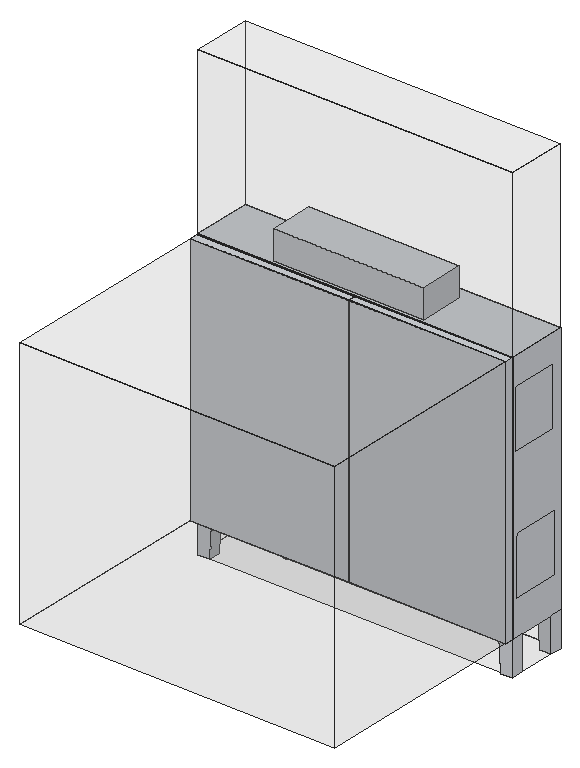
Revit family "AHU 3 _6", category Mechanické zařízení, Revit 2018
Family settings
  Kóta kulaté spojky = Použít průměr
  Typ dílu = Normální
  Číslo OmniClass = 23.75.00.00
  Nadpis OmniClass = Climate Control (HVAC)
  Založené na pracovní rovině = Ne
  Vždy vertikální = Ano
  Ořezat dutým tvarem při načtení = Ne
  Sdílené = Ne
  Bod výpočtu místnosti = Ne
Parameters (values of type "DUPLEXVENT Flexi (3G) DV650 (RD5)")
  Width [instance] = 0.298 mm
  Weight [instance] = 115.00 kg
  URL = ""
  Type [instance] = "DUPLEXVENT Flexi (3G) DV650 (RD5)"
  Total_SFP [instance] = 0
  Supply_outlet_hum [instance] = 27.8
  Supply_inlet_hum [instance] = 90
  Supply_ext_pressure [instance] = 100.0 Pa
  Supply_SFP [instance] = 0
  Source_adu_file [instance] = "C:\\\\Users\\\\dgavril\\\\OneDrive - Airflow Developments Ltd\\\\Desktop\\\\adu durley chine V4.adu"
  Recuperation_type [instance] = "Plate heat recovery exchanger"
  Recuperation_efficiency_EN308 [instance] = 75.8
  Project_name [instance] = "Durley Chine Passivhaus"
  Project_date [instance] = "13-08-2021"
  Power_supply_fusing [instance] = "0"
  Power_supply_cable [instance] = "0"
  Position [instance] = "AHU 3 "
  Phases_count [instance] = 1
  Panel_thickness [instance] = 0.06 mm
  Outer_surface [instance] = "RAL 9002"
  Length [instance] = 1.37 mm
  Insulation_type [instance] = "PUR"
  Insulation_thickness [instance] = 0.05 mm
  Installation_environment [instance] = ""
  Input_power_max [instance] = 340 W
  Inner_surface [instance] = "Pozink"
  I2 [instance] = I1  # 0.0 L/s
  Height [instance] = 1.1 mm
  Exhaust_outlet_hum [instance] = 97.1
  Exhaust_inlet_hum [instance] = 40
  Exhaust_ext_pressure [instance] = 100.0 Pa
  Exhaust_SFP [instance] = 0
  E1 [instance] = E2 - M1  # 0.0 L/s
  E2 [instance] = 0.0 L/s
  I1 [instance] = 0.0 L/s
  Description = ""
  M1 [instance] = 0.0 L/s
  Device_dutypoint_version [instance] = "2"
  Device_design_version [instance] = "10"
  Device_adu_id [instance] = "6"
  Current_max [instance] = 2.8 A
  Casing_mat [instance] = "painted zinc layer"
  Cable type [instance] = "CYKY 5Jx2,5"
Reference planes
  plane 1 "Střed (vpředu/vzadu)": y = 0
  plane 2 "ref": z = 0
  plane 3 "Střed (vlevo/vpravo)": x = 0
Forms (mm)
  Sweep 1, solid
    path origin (0, 0, 0) x (0, 0, 1) y (1, 0, 0)
      loop
        line (0, 0) -> (1100, 0)
    profile origin (0, 0, 0) x (1, 0, 0) y (0, 1, 0)
      loop
        line (0, 0) -> (1370, 0) -> (1370, 260) -> (0, 260) -> (0, 0)
  Sweep 2, solid
    path origin (0, 0, 0) x (0, 0, 1) y (1, 0, 0)
      loop
        line (0, 0) -> (1100, 0)
    profile origin (0, 0, 0) x (1, 0, 0) y (0, 1, 0)
      loop
        line (0, 0) -> (0, -38) -> (1370, -38) -> (1370, 0) -> (0, 0)
  Sweep 3, solid
    path origin (1, 125, 277) x (0, 1, 0) y (-1, 0, 0)
      loop
        line (0, 0) -> (0, 1)
    profile origin (1, 125, 277) x (0, -1, 0) y (0, 0, 1)
      loop
        line (-100, -125) -> (100, -125) -> (100, 125) -> (-100, 125) -> (-100, -125)
  Sweep 4, solid
    path origin (1369, 115, 853) x (1, 0, 0) y (0, 1, 0)
      loop
        line (0, 0) -> (1, 0)
    profile origin (1369, 115, 853) x (0, 1, 0) y (0, 0, 1)
      loop
        line (-100, 125) -> (-100, -125) -> (100, -125) -> (100, 125) -> (-100, 125)
  Sweep 5, solid
    path origin (1369, 125, 277) x (1, 0, 0) y (0, 1, 0)
      loop
        line (0, 0) -> (1, 0)
    profile origin (1369, 125, 277) x (0, 1, 0) y (0, 0, 1)
      loop
        line (-100, 125) -> (-100, -125) -> (100, -125) -> (100, 125) -> (-100, 125)
  Sweep 6, solid
    path origin (1, 115, 853) x (0, 1, 0) y (-1, 0, 0)
      loop
        line (0, 0) -> (0, 1)
    profile origin (1, 115, 853) x (0, -1, 0) y (0, 0, 1)
      loop
        line (-100, -125) -> (100, -125) -> (100, 125) -> (-100, 125) -> (-100, -125)
  Sweep 7, solid
    path origin (380, 15, 0) x (0, -1, 0) y (0, 0, 1)
      loop
        line (0, 0) -> (0, -30)
    profile origin (380, 15, 0) x (-1, 0, 0) y (0, -1, 0)
      loop
        circle (0, 0) r 16
  Sweep 8, solid, material "Servisní prostor"
    path origin (0, 0, 0) x (0, 0, 1) y (1, 0, 0)
      loop
        line (0, 0) -> (1100, 0)
    profile origin (0, 0, 0) x (1, 0, 0) y (0, 1, 0)
      loop
        line (0, -968) -> (1370, -968) -> (1370, -38) -> (0, -38) -> (0, -968)
  Sweep 9, solid, material "Servisní prostor"
    path origin (0, 0, 1100) x (0, 0, 1) y (1, 0, 0)
      loop
        line (0, 0) -> (720, 0)
    profile origin (0, 0, 1100) x (1, 0, 0) y (0, 1, 0)
      loop
        line (0, 0) -> (1370, 0) -> (1370, 260) -> (0, 260) -> (0, 0)
  Sweep 10, solid, material "Servisní prostor"
    path origin (0, 0, -150) x (0, 0, 1) y (1, 0, 0)
      loop
        line (0, 0) -> (150, 0)
    profile origin (0, 0, -150) x (1, 0, 0) y (0, 1, 0)
      loop
        line (0, 260) -> (0, 0) -> (1370, 0) -> (1370, 260) -> (0, 260)
  Sweep 11, solid
    path origin (0, 0, 0) x (0, 0, 1) y (1, 0, 0)
      loop
        line (0, 0) -> (1100, 0)
    profile origin (0, 0, 0) x (1, 0, 0) y (0, 1, 0)
      loop
        line (0, -38) -> (685, -38) -> (685, -5) -> (0, -5) -> (0, -38)
  Sweep 12, solid
    path origin (0, 0, 0) x (0, 0, 1) y (1, 0, 0)
      loop
        line (0, 0) -> (1100, 0)
    profile origin (0, 0, 0) x (1, 0, 0) y (0, 1, 0)
      loop
        line (685, -38) -> (1370, -38) -> (1370, -5) -> (685, -5) -> (685, -38)
  Sweep 13, solid
    path origin (25, 50, 0) x (1, 0, 0) y (0, 1, 0)
      loop
        line (0, 0) -> (0, -50)
    profile origin (25, 50, 0) x (1, 0, 0) y (0, 0, 1)
      loop
        line (-25, 0) -> (-25, -150) -> (25, -150) -> (35, 0) -> (-25, 0)
  Sweep 14, solid
    path origin (1345, 50, 0) x (1, 0, 0) y (0, 1, 0)
      loop
        line (0, 0) -> (0, -50)
    profile origin (1345, 50, 0) x (1, 0, 0) y (0, 0, 1)
      loop
        line (-35, 0) -> (-25, -150) -> (25, -150) -> (25, 0) -> (-35, 0)
  Sweep 15, solid
    path origin (25, 260, 0) x (1, 0, 0) y (0, 1, 0)
      loop
        line (0, 0) -> (0, -50)
    profile origin (25, 260, 0) x (1, 0, 0) y (0, 0, 1)
      loop
        line (-25, 0) -> (-25, -150) -> (25, -150) -> (35, 0) -> (-25, 0)
  Sweep 16, solid
    path origin (1345, 260, 0) x (1, 0, 0) y (0, 1, 0)
      loop
        line (0, 0) -> (0, -50)
    profile origin (1345, 260, 0) x (1, 0, 0) y (0, 0, 1)
      loop
        line (-35, 0) -> (-25, -150) -> (25, -150) -> (25, 0) -> (-35, 0)
  Sweep 17, solid
    path origin (0, 0, 1100) x (0, 0, 1) y (1, 0, 0)
      loop
        line (0, 0) -> (125, 0)
    profile origin (0, 0, 1100) x (1, 0, 0) y (0, 1, 0)
      loop
        line (315, 17) -> (970, 17) -> (970, 207) -> (315, 207) -> (315, 17)
  Sweep 18, solid
    path origin (315, 112, 1163) x (0, 0, -1) y (1, 0, 0)
      loop
        line (0, 0) -> (0, -1)
    profile origin (315, 112, 1163) x (0, 0, -1) y (0, -1, 0)
      loop
        circle (0, 0) r 10
Lines and regions (mm)
  model lines, style "Symbol"
    curve 1: line (750, -38, 0) -> (750, -38, 220)
    curve 2: line (750, -38, 1100) -> (750, -38, 880)
    curve 3: line (0, -38, 550) -> (420, -38, 550)
    curve 4: line (1370, -38, 550) -> (1080, -38, 550)
    curve 5: line (420, -38, 550) -> (585, -38, 880)
    curve 6: line (585, -38, 880) -> (915, -38, 880)
    curve 7: line (915, -38, 880) -> (1080, -38, 550)
    curve 8: line (1080, -38, 550) -> (915, -38, 220)
    curve 9: line (915, -38, 220) -> (750, -38, 220)
    curve 10: line (750, -38, 220) -> (585, -38, 220)
    curve 11: line (585, -38, 220) -> (420, -38, 550)
    curve 12: line (1128, -38, 903) -> (1304, -38, 873)
    curve 13: line (1128, -38, 747) -> (1304, -38, 777)
    curve 14: line (242, -38, 747) -> (66, -38, 777)
    curve 15: line (242, -38, 903) -> (66, -38, 873)
    curve 16: line (123, -38, 110) -> (123, -38, 440)
    curve 17: line (123, -38, 440) -> (205, -38, 440)
    curve 18: line (205, -38, 440) -> (205, -38, 110)
    curve 19: line (205, -38, 110) -> (123, -38, 110)
    curve 20: line (164, -38, 110) -> (205, -38, 275)
    curve 21: line (164, -38, 440) -> (205, -38, 275)
    curve 22: line (1247, -38, 440) -> (1247, -38, 110)
    curve 23: line (1247, -38, 110) -> (1165, -38, 110)
    curve 24: line (1165, -38, 110) -> (1165, -38, 440)
    curve 25: line (1165, -38, 440) -> (1247, -38, 440)
    curve 26: line (1206, -38, 440) -> (1165, -38, 275)
    curve 27: line (1206, -38, 110) -> (1165, -38, 275)
    curve 28: line (525, -38, 192) -> (376, -38, 487)
    curve 29: line (376, -38, 487) -> (425, -38, 512)
    curve 30: line (425, -38, 512) -> (574, -38, 217)
    curve 31: line (574, -38, 217) -> (525, -38, 192)
    curve 32: line (435, -38, 381) -> (455, -38, 440)
    curve 33: line (495, -38, 264) -> (515, -38, 323)
    curve 34: line (0, -38, 0) -> (685, -38, 0)
    curve 35: line (0, -38, 1100) -> (685, -38, 1100)
    curve 36: line (0, -38, 0) -> (0, -38, 1100)
    curve 37: line (685, -38, 0) -> (685, -38, 1100)
    curve 38: line (0, -38, 0) -> (0, -5, 0)
    curve 39: line (685, -38, 0) -> (685, -5, 0)
    curve 40: line (0, -38, 1100) -> (0, -5, 1100)
    curve 41: line (685, -38, 1100) -> (685, -5, 1100)
    curve 42: line (685, -38, 0) -> (1370, -38, 0)
    curve 43: line (685, -38, 1100) -> (1370, -38, 1100)
    curve 44: line (685, -38, 0) -> (685, -38, 1100)
    curve 45: line (1370, -38, 0) -> (1370, -38, 1100)
    curve 46: line (685, -38, 0) -> (685, -5, 0)
    curve 47: line (1370, -38, 0) -> (1370, -5, 0)
    curve 48: line (685, -38, 1100) -> (685, -5, 1100)
    curve 49: line (1370, -38, 1100) -> (1370, -5, 1100)
    curve 50: circle (1205, -38, 825) r 110 normal (0, -1, 0)
    curve 51: circle (165, -38, 825) r 110 normal (0, -1, 0)
    curve 52: circle (445, -38, 411) r 8 normal (0, -1, 0)
    curve 53: circle (505, -38, 293) r 8 normal (0, -1, 0)
Dimensions and locks
  aligned and locked: level to plane 2 "ref"
Connectors
  hvac at (0, 125, 277), driven by "E1"
    settings: on Sweep 3, index 1, duct flow 0.0 L/s, flow factor 0, pres drop 0.0 Pa, loss coef 0, conn angle 0.00°, conn width 200 mm, conn height 250 mm, conn diameter 609.6 mm, duct sys type 1, conn prof type 1, flow config 1, flow direction 1, loss method 0, conn ref index -1, conn util no, is conn primary yes, conn desc ""
  hvac at (1370, 115, 853), driven by "E2"
    settings: on Sweep 4, index 2, duct flow 0.0 L/s, flow factor 1, pres drop 0.0 Pa, loss coef 0, conn angle 0.00°, conn width 200 mm, conn height 250 mm, conn diameter 609.6 mm, duct sys type 1, conn prof type 1, flow config 2, flow direction 2, loss method 0, conn ref index -1, conn util no, is conn primary no, conn desc ""
  hvac at (1370, 125, 277), driven by "I1"
    settings: on Sweep 5, index 3, duct flow 0.0 L/s, flow factor 1, pres drop 0.0 Pa, loss coef 0, conn angle 0.00°, conn width 200 mm, conn height 250 mm, conn diameter 609.6 mm, duct sys type 3, conn prof type 1, flow config 2, flow direction 1, loss method 0, conn ref index -1, conn util no, is conn primary no, conn desc ""
  hvac at (0, 115, 853), driven by "I2"
    settings: on Sweep 6, index 4, duct flow 0.0 L/s, flow factor 0, pres drop 0.0 Pa, loss coef 0, conn angle 0.00°, conn width 200 mm, conn height 250 mm, conn diameter 609.6 mm, duct sys type 3, conn prof type 1, flow config 1, flow direction 2, loss method 0, conn ref index -1, conn util no, is conn primary no, conn desc ""
  piping at (380, 15, -30), diameter 22
    settings: on Sweep 7, index 5, connector inside diameter 609.6 mm, connector length 0 mm, flow factor 0, pipe flow 0.0 L/s, pressure drop 0.0 Pa, fitting loss kfactor 0, connector angle 0.00°, fixture units 0, engagement length 0 mm, angle of deflection 0.00°, flow configuration 1, flow direction 2, fitting loss method 0, system type 16, joint type 0, gender type 0, connector reference index -1, connector utility 0, adjustable connector no, is connector primary yes, connector description ""
  electrical at (314, 112, 1163)
    settings: on Sweep 18, index 6, voltage 230 V, apparent load 0 VA, apparent load phase1 0 VA, apparent load phase2 0 VA, apparent load phase3 0 VA, power factor 1, load classification "Další", number of poles 1, system type 31, power factor state 1, is connector primary yes, connector utility no, sub classification motor no, connector description ""
